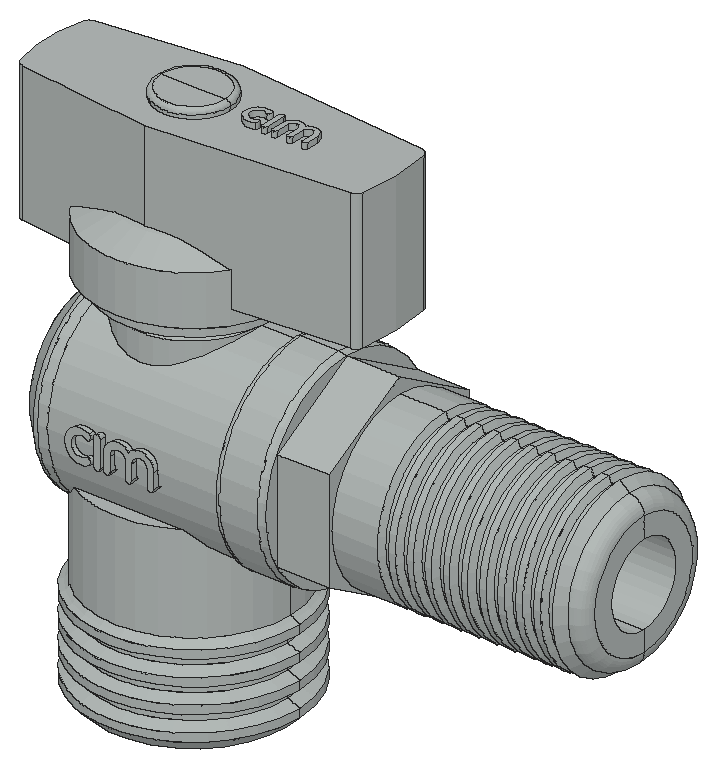
Revit family "QL20252099", category Apparecchi idraulici, Revit 2020
Family settings
  Quota connettore circolare = Usa diametro
  Tipo di parte = Normale
  Numero OmniClass = 23.45.00.00
  Titolo OmniClass = Sanitary, Laundry, and Cleaning Equipment
  Basato su piano di lavoro = No
  Sempre verticale = Sì
  Taglio con vuoti quando caricato = No
  Condiviso = No
  Punto di calcolo locali = No
Parameters
  URL = "https://web.cimberio.com/index.php/figura/462?subcategoria_id="
  Temperatura di esercizio = "-10 ÷ 90°C"
  Prospetto di default = 0 mm
  Produttore = "CIMBERIO SPA"
  Pressione nominale = "PN 16"
  Modello = "Cim 39LNR"
  Materiale = "Prodotto in lega di ottone conforme alla norma EN 12165-CW617N-DW"
  Descrizione = "Utilizzato per impianti idrici ed igienico-sanitari"
  DN [instance] = 10 mm
  Commenti sul tipo = "Realizzato in ottemperanza ai requisiti gestionali della norma EN ISO 9001.\r\nCollaudato al 100% secondo la normativa EN 12266-1"
Reference planes
  plane 1 "Centro (Fronte/Retro)": y = 0
  plane 2: z = 0
  plane 3 "Centro (Sinistra/Destra)": x = 0
Forms (mm)
  Revolve 1, solid, material "Cim_Lega di ottone"
    sketch origin (0, 0, 0) x (1, 0, 0) y (0, 0, 1)
      loop
        line (-13, 0) -> (-9.586, 0) -> (-9.586, 5) -> (12.5, 5) -> (12.5, 12) -> (-8.4, 12) -> (-9.586, 12)
        arc (-9.586, 12) -> (-9.968, 11.924) -> (-10.293, 11.707) r 1
        line (-10.293, 11.707) -> (-12.707, 9.293)
        arc (-12.707, 9.293) -> (-12.924, 8.968) -> (-13, 8.586) r 1
        line (-13, 8.586) -> (-13, 0)
      axis (-13, 0) -> (12.5, 0)
    angle from 0 to 360
  Revolve 2, solid, material "Cim_Lega di ottone"
    sketch origin (0, 0, 0) x (1, 0, 0) y (0, 0, 1)
      loop
        line (12.5, 5) -> (18.8, 5) -> (18.8, 12.363)
        arc (18.8, 12.363) -> (18.307, 12.39) -> (17.826, 12.5) r 2.912
        line (17.826, 12.5) -> (13.14, 12.5)
        arc (13.14, 12.5) -> (12.692, 12.356) -> (12.5, 11.926) r 0.578
        line (12.5, 11.926) -> (12.5, 5)
      axis (12.5, 0) -> (18.8, 0)
    angle from 0 to 360
  Extrusion 3, solid, material "Cim_Lega di ottone"
    sketch origin (0, 0, 0) x (0, 1, 0) y (0, 0, 1)
      loop
        circle (0, 0) r 5
      loop
        line (0, 12.35) -> (-10.695, 6.175) -> (-10.695, -6.175) -> (0, -12.35) -> (10.695, -6.175) -> (10.695, 6.175) -> (0, 12.35)
    from 18.8 to 25.3
  Revolve 4, solid, material "Cim_Lega di ottone"
    sketch origin (0, 0, 0) x (1, 0, 0) y (0, 0, 1)
      loop
        line (25.3, 5) -> (55.3, 5) -> (55.3, 7.504)
        arc (55.3, 7.504) -> (54.75, 8.839) -> (53.42, 9.403) r 1.9
        line (53.42, 9.403) -> (52.407, 10.475) -> (52.132, 9.719) -> (51.341, 9.719) -> (50.972, 10.475) -> (50.182, 10.475) -> (49.907, 9.719) -> (49.116, 9.719) -> (48.747, 10.475) -> (47.957, 10.475) -> (47.682, 9.719) -> (46.891, 9.719) -> (46.522, 10.475) -> (45.732, 10.475) -> (45.457, 9.719) -> (44.666, 9.719) -> (44.297, 10.475) -> (43.507, 10.475) -> (43.232, 9.719) -> (42.441, 9.719) -> (42.072, 10.475) -> (41.282, 10.475) -> (41.007, 9.719) -> (40.216, 9.719) -> (39.847, 10.475) -> (39.057, 10.475) -> (38.782, 9.719) -> (37.991, 9.719) -> (37.622, 10.475) -> (36.832, 10.475) -> (36.557, 9.719) -> (35.766, 9.719) -> (35.397, 10.475) -> (34.607, 10.475) -> (34.332, 9.719) -> (33.54, 9.719) -> (33.172, 10.475) -> (32.382, 10.475) -> (32.107, 9.719) -> (31.315, 9.719) -> (30.947, 10.475) -> (25.3, 10.475) -> (25.3, 5)
      axis (25.3, 0) -> (55.3, 0)
    angle from 0 to 360
  Revolve 5, solid, material "Cim_Lega di ottone"
    sketch origin (0, 0, 0) x (1, 0, 0) y (0, 0, 1)
      loop
        line (-5, -31) -> (-5, -6.638) -> (-12, -6.638) -> (-12, -18.557)
        arc (-12, -18.557) -> (-12.467, -18.975) -> (-13, -19.306) r 3.59
        line (-13, -19.306) -> (-13, -20.309) -> (-11.543, -20.927) -> (-11.543, -21.751) -> (-13, -22.37) -> (-13, -23.373) -> (-11.543, -23.991) -> (-11.543, -24.815) -> (-13, -25.434) -> (-13, -26.436) -> (-11.543, -27.055) -> (-11.543, -27.879) -> (-13, -28.498) -> (-13, -29.5) -> (-11.5, -31) -> (-5, -31)
      axis (0, -6.638) -> (0, -31)
    angle from 0 to 360
  Revolve 6, solid, material "Cim_Lega di ottone"
    sketch origin (0, 0, 0) x (1, 0, 0) y (0, 0, 1)
      loop
        arc (-7.391, 12.998) -> (-7.633, 12.333) -> (-8.247, 11.979) r 1.035
        line (-8.247, 11.979) -> (-8.247, 7.112) -> (-5, 7.112) -> (-5, 19.79) -> (-7.391, 19.79) -> (-7.391, 12.998)
      axis (0, 19.79) -> (0, 7.112)
    angle from 0 to 360
  Revolve 7, solid, material "Cim_Lega di ottone"
    sketch origin (0, 0, 0) x (1, 0, 0) y (0, 0, 1)
      loop
        line (-10.305, 13.55) -> (-5.617, 13.55) -> (-5.617, 14.55) -> (0, 14.55) -> (0, 24.481)
        arc (0, 24.481) -> (-6.148, 23.796) -> (-11.9, 21.522) r 23.363
        line (-11.9, 21.522) -> (-11.9, 15.416) -> (-10.305, 14.495) -> (-10.305, 13.55)
      axis (0, 24.481) -> (0, 13.55)
    angle from 0 to 360
  Revolve 8, solid, material "Cim_Lega di ottone"
    sketch origin (0, 0, 0) x (1, 0, 0) y (0, 0, 1)
      loop
        line (0, 33.859) -> (4.504, 33.859) -> (4.504, 34.748)
        arc (4.504, 34.748) -> (4.348, 35.172) -> (3.933, 35.35) r 0.572
        line (3.933, 35.35) -> (0, 35.35) -> (0, 33.859)
      axis (0, 35.35) -> (0, 33.859)
    angle from 0 to 360
  Extrusion 9, solid, material "Cim_Lega di ottone"
    sketch origin (0, 0, 0) x (1, 0, 0) y (0, 0, 1)
      loop
        arc (-2.78, 1.616) -> (-5.821, -0.091) -> (-2.78, -1.799) r 2
        arc (-2.78, -1.799) -> (-2.647, -1.249) -> (-3.196, -1.116) r 0.4
        arc (-3.196, -1.116) -> (-5.021, -0.091) -> (-3.196, 0.933) r 1.2
        arc (-3.196, 0.933) -> (-2.647, 1.066) -> (-2.78, 1.616) r 0.4
      loop
        line (-2.22, 1.509) -> (-2.22, -1.691)
        arc (-2.22, -1.691) -> (-1.82, -2.091) -> (-1.42, -1.691) r 0.4
        line (-1.42, -1.691) -> (-1.42, 1.509)
        arc (-1.42, 1.509) -> (-1.82, 1.909) -> (-2.22, 1.509) r 0.4
      loop
        line (-1.02, 0.17) -> (-1.02, -1.691)
        arc (-1.02, -1.691) -> (-0.62, -2.091) -> (-0.22, -1.691) r 0.4
        line (-0.22, -1.691) -> (-0.22, 0.17)
        arc (-0.22, 0.17) -> (0.719, 1.109) -> (1.659, 0.17) r 0.939
        line (1.659, 0.17) -> (1.659, -1.691)
        arc (1.659, -1.691) -> (2.059, -2.091) -> (2.459, -1.691) r 0.4
        line (2.459, -1.691) -> (2.459, 0.17)
        arc (2.459, 0.17) -> (3.398, 1.109) -> (4.337, 0.17) r 0.939
        line (4.337, 0.17) -> (4.337, -1.691)
        arc (4.337, -1.691) -> (4.737, -2.091) -> (5.137, -1.691) r 0.4
        line (5.137, -1.691) -> (5.137, 0.17)
        arc (5.137, 0.17) -> (3.987, 1.806) -> (2.059, 1.279) r 1.739
        arc (2.059, 1.279) -> (0.13, 1.806) -> (-1.02, 0.17) r 1.739
    from 8 to 12.5
  Extrusion 10, solid, material "Cim_Lega di ottone"
    sketch origin (0, 0, 0) x (1, 0, 0) y (0, 1, 0)
      loop
        arc (-17.356, 4.772) -> (-18, -0.042) -> (-17.334, -4.852) r 18
        arc (-17.334, -4.852) -> (-17.02, -5.343) -> (-16.487, -5.576) r 1
        line (-16.487, -5.576) -> (0, -7.5) -> (23.658, -5.5)
        arc (23.658, -5.5) -> (24.243, -5.247) -> (24.556, -4.691) r 1
        arc (24.556, -4.691) -> (25, 0) -> (24.556, 4.691) r 25
        arc (24.556, 4.691) -> (24.243, 5.247) -> (23.658, 5.5) r 1
        line (23.658, 5.5) -> (0, 7.5) -> (-16.512, 5.5)
        arc (-16.512, 5.5) -> (-17.045, 5.265) -> (-17.356, 4.772) r 1
    from 17.32 to 34.35
  Extrusion 11, solid, material "Cim_Lega di ottone"
    sketch origin (0, 0, 0) x (1, 0, 0) y (0, 1, 0)
      loop
        arc (8.698, 1.333) -> (6.37, 0.003) -> (8.698, -1.326) r 1.544
        arc (8.698, -1.326) -> (8.807, -0.903) -> (8.384, -0.794) r 0.309
        arc (8.384, -0.794) -> (6.988, 0.003) -> (8.384, 0.801) r 0.926
        arc (8.384, 0.801) -> (8.807, 0.91) -> (8.698, 1.333) r 0.309
      loop
        line (9.457, 1.238) -> (9.457, -1.231)
        arc (9.457, -1.231) -> (9.766, -1.54) -> (10.075, -1.232) r 0.309
        line (10.075, -1.232) -> (10.075, 1.238)
        arc (10.075, 1.238) -> (9.766, 1.547) -> (9.457, 1.238) r 0.309
      loop
        arc (12.853, 1.129) -> (11.49, 1.467) -> (10.692, 0.311) r 1.235
        line (10.692, 0.311) -> (10.692, -1.231)
        arc (10.692, -1.231) -> (11.001, -1.54) -> (11.309, -1.231) r 0.309
        line (11.309, -1.231) -> (11.309, 0.312)
        arc (11.309, 0.312) -> (11.927, 0.93) -> (12.544, 0.312) r 0.617
        line (12.544, 0.312) -> (12.544, -1.231)
        arc (12.544, -1.231) -> (12.853, -1.54) -> (13.162, -1.232) r 0.309
        line (13.162, -1.232) -> (13.162, 0.312)
        arc (13.162, 0.312) -> (13.779, 0.93) -> (14.396, 0.312) r 0.617
        line (14.396, 0.312) -> (14.396, -1.231)
        arc (14.396, -1.231) -> (14.705, -1.54) -> (15.014, -1.231) r 0.309
        line (15.014, -1.231) -> (15.014, 0.312)
        arc (15.014, 0.312) -> (14.216, 1.467) -> (12.853, 1.129) r 1.235
    from 34.35 to 35
Dimensions and locks
  aligned and locked: level to plane 2
Connectors
  piping at (55.3, 0, 0), diameter 10, driven by "DN"
    settings: on Revolve 4, index 1, connector inside diameter 609.6 mm, connector length 0 mm, flow factor 0, pipe flow 0.0 L/s, pressure drop 0.0 Pa, fitting loss kfactor 0, connector angle 0.00°, fixture units 0, engagement length 0 mm, angle of deflection 0.00°, flow configuration 0, flow direction 0, fitting loss method 0, system type 7, joint type 0, gender type 0, connector reference index -1, connector utility 0, adjustable connector no, is connector primary yes, connector description ""
  piping at (0, 0, -31), diameter 10, driven by "DN"
    settings: on Revolve 5, index 2, connector inside diameter 609.6 mm, connector length 0 mm, flow factor 0, pipe flow 0.0 L/s, pressure drop 0.0 Pa, fitting loss kfactor 0, connector angle 0.00°, fixture units 0, engagement length 0 mm, angle of deflection 0.00°, flow configuration 0, flow direction 0, fitting loss method 0, system type 7, joint type 0, gender type 0, connector reference index -1, connector utility 0, adjustable connector no, is connector primary no, connector description ""
